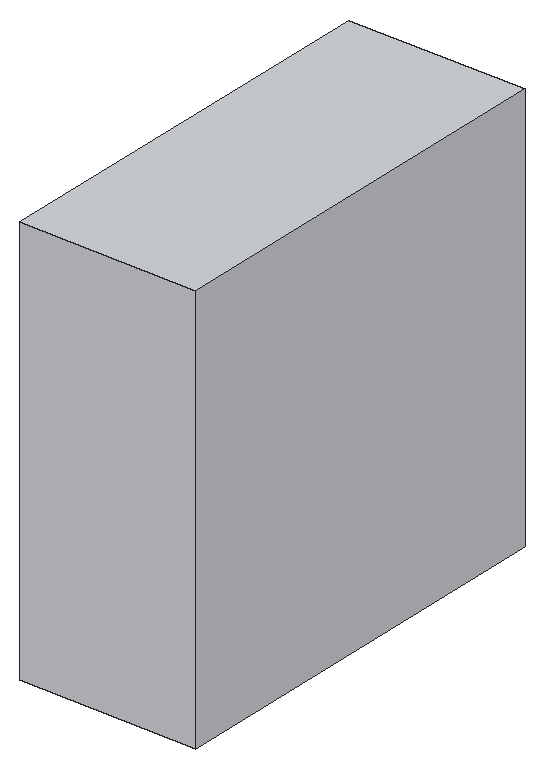
Revit family "M_Abafador de controle - Lâmina paralela", category Acessórios de duto, Revit 2019
Family settings
  Cota do conector redondo = Utilizar diâmetro
  Tipo de parte = Regulador de fluxo de ar
  Número OmniClass = 23.75.70.11.14.14
  Título OmniClass = Dampers for Air Ductwork
  ID de item do Seek = M_Control Damper - Parallel Blade-0000-USA-ENU
  Com base no plano de trabalho = Não
  Sempre na vertical = Sim
  Corte com vazios quando carregada = Não
  Compartilhado = Não
Parameters (values of type "Padrão")
  Largura 1 [instance] = Largura da lâmina / 4  # 75 mm
  Queda de pressão = 0.0 Pa
  Largura do duto [instance] = 300 mm
  Altura do duto [instance] = 300 mm
  Largura do abafador [instance] = Largura do duto + 50 mm  # 350 mm
  Material do abafador = none
  Comprimento do abafador = 150 mm
  Altura do abafador [instance] = Altura do duto + 50 mm  # 350 mm
  Largura da lâmina [instance] = Largura do duto  # 300 mm
  Comprimento da lâmina = 100 mm
Reference planes
  plane 1 "Centro (Frente/Trás)": y = 0
  plane 2: z = 0
  plane 3 "Centro (Esquerda/Direita)": x = 0
  plane 4: y = 175
  plane 5: y = -175
  plane 6: x = -75
  plane 7: x = 75
  plane 8: z = 175
  plane 9: z = -175
  plane 10: y = 75
  plane 11: y = 150
  plane 12: y = -75
  plane 13: y = -150
  plane 14: x = -36.9
  plane 15: x = 36.9
Forms (mm)
  Extrusion 1, solid, material <- "Material do abafador"
    sketch origin (0, 0, 0) x (1, 0, 0) y (0, 1, 0)
      loop
        line (-75, 175) -> (-75, -175) -> (75, -175) -> (75, 175) -> (-75, 175)
    from -175 to 175
Lines and regions (mm)
  symbolic lines
    curve 1: line (-36.9, 0, 0) -> (36.9, 75, 0)
    curve 2: line (-36.9, 75, 0) -> (36.9, 150, 0)
    curve 3: line (-36.9, -75, 0) -> (36.9, 0, 0)
    curve 4: line (-36.9, -150, 0) -> (36.9, -75, 0)
Dimensions and locks
  equal spacing: plane 4, plane 1 "Centro (Frente/Trás)", plane 5
  equal spacing: plane 6, plane 3 "Centro (Esquerda/Direita)", plane 7
  "Comprimento do abafador": plane 6 to plane 7
  "Largura do abafador": plane 4 to plane 5
  equal spacing: plane 8, level, plane 9
  "Altura do abafador": plane 8 to plane 9
  equal spacing: plane 10, plane 1 "Centro (Frente/Trás)", plane 12
  equal spacing: plane 11, plane 1 "Centro (Frente/Trás)", plane 13
  "Largura 1": plane 10 to plane 1 "Centro (Frente/Trás)"
  "Largura da lâmina": plane 11 to plane 13
  equal spacing: plane 14, plane 3 "Centro (Esquerda/Direita)", plane 15
  locked: plane 6 to plane 14 at 38.1
  aligned and locked: Extrusion 1 sketch curve to plane 4
  aligned and locked: plane 5 to Extrusion 1 sketch curve
  aligned and locked: plane 6 to Extrusion 1 sketch curve
  aligned and locked: Extrusion 1 sketch curve to plane 7
  aligned and locked: plane 8 to Extrusion 1
  aligned and locked: Extrusion 1 to plane 9
  aligned and locked: plane 14 to curve 1
  aligned and locked: plane 1 "Centro (Frente/Trás)" to curve 1
  aligned and locked: plane 15 to curve 1
  aligned and locked: plane 10 to curve 1
  aligned and locked: plane 14 to curve 2
  aligned and locked: plane 10 to curve 2
  aligned and locked: plane 15 to curve 2
  aligned and locked: plane 11 to curve 2
  aligned and locked: plane 12 to curve 3
  aligned and locked: plane 14 to curve 3
  aligned and locked: plane 1 "Centro (Frente/Trás)" to curve 3
  aligned and locked: plane 15 to curve 3
  aligned and locked: plane 13 to curve 4
  aligned and locked: plane 14 to curve 4
  aligned and locked: plane 12 to curve 4
  aligned and locked: plane 15 to curve 4
Connectors
  hvac at (-75, 0, 0), driven by "Altura do duto", driven by "Largura do duto", driven by "Queda de pressão"
    settings: on Extrusion 1, index 1, duct flow 0.0 L/s, flow factor 0, pres drop 0.0 Pa, loss coef 0, conn angle 0.00°, conn width 300 mm, conn height 300 mm, conn diameter 609.6 mm, duct sys type 29, conn prof type 1, flow config 0, flow direction 0, loss method 4, conn ref index 2, conn util no, is conn primary yes, conn desc ""
  hvac at (75, 0, 0), driven by "Altura do duto", driven by "Largura do duto"
    settings: on Extrusion 1, index 2, duct flow 0.0 L/s, flow factor 0, pres drop 0.0 Pa, loss coef 0, conn angle 0.00°, conn width 300 mm, conn height 300 mm, conn diameter 609.6 mm, duct sys type 29, conn prof type 1, flow config 0, flow direction 0, loss method 4, conn ref index 1, conn util no, is conn primary no, conn desc ""
